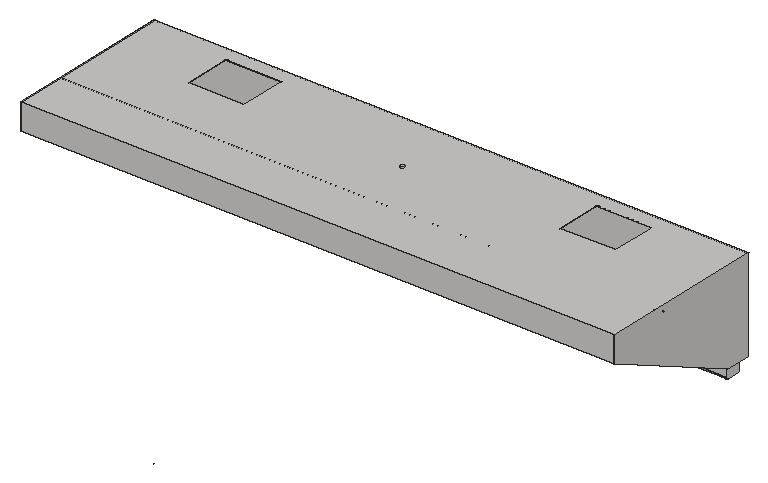
Revit family "QF_ELECTROLUXPROFESSIONAL_644188_AMPV932BT", category Attrezzature speciali, Revit 2021
Family settings
  Quota connettore circolare = Usa diametro
  Tipo di parte = Normale
  Basato su piano di lavoro = No
  Sempre verticale = Sì
  Taglio con vuoti quando caricato = No
  Condiviso = No
  Punto di calcolo locali = No
Parameters (values of type "Standard")
  Weight = 100.00 kg
  Watts = 840 W
  Volts = 220 V
  URL Manufacturer = "https://www.electroluxprofessional.com/"
  URL = "https://www.electroluxprofessional.com/"
  Steam Supply Size = 0 mm
  Steam Supply Minimum Pressure = 0.0 Pa
  Steam Supply Maximum Pressure = 0.0 Pa
  Steam Consumption per Hour = 0
  Refrigeration Suction Line Size = 0 mm
  Refrigeration Liquid Line Size = 0 mm
  Refrigerant Compressor Remote = yes
  Prospetto di default = 0 mm
  Produttore = "Electrolux Professional"
  Phase = 1
  Modello = "AMPV932BT"
  Length Actual = 3200 mm  # constant formula
  Item Number = "644188"
  Hot Water Size = 0 mm
  Height Actual = 500 mm  # constant formula
  HP = "1.1 HP"
  Gas Size = 0 mm
  Gas KW = 0
  Gas Input Pressure = 0 W
  Direct Waste Size = 0 mm
  Descrizione = "430 S/S WALL HOOD+FILTERS+FAN 3200X900MM"
  Depth Actual = 900 mm  # constant formula
  Cycle = 50 Hz
  Condensate Return Size = 0 mm
  Compressed Air Volume = 0.0 L/s
  Compressed Air Size = 0 mm
  Compressed Air Pressure = 0.0 Pa
  Cold Water Size = 0 mm
  Accessory = yes
Reference planes
  plane 1: z = 0
  plane 2 "Center (Left/Right)": x = 150
  plane 3 "LEFT": x = -1450
  plane 4 "RIGHT": x = 1750
  plane 5 "BACK": y = 550
  plane 6 "Plane": z = 2000
  plane 7 "TOP": z = 2140
  plane 8 "Base": z = 1640
  plane 9: z = 1566
  plane 10 "DrainY": y = 485
  plane 11: x = -1447
  plane 12: through (0, 414.509, 1640.8) normal (0, 0.7314, 0.682)
  plane 13: y = 470
  plane 14: y = 220
  plane 15 "DrainX": x = 1630
  plane 16: x = -700
  plane 17: x = 1000
  plane 18: x = -1000
  plane 19: x = 1300
  plane 20: x = 1747
  plane 21: x = 1540
  plane 22: x = 1720
  plane 23: x = -1410
  plane 24: x = -1045
  plane 25: x = -650
  plane 26: x = 1710
  plane 27: x = 1345
  plane 28: x = 950
  plane 29: y = -350
  plane 30 "Center (Front/Back)": y = 100
Forms (mm)
  Extrusion 1, solid, material "QF_Finishes_Stainless Steel"
    sketch origin (-1450, 0, 0) x (0, 1, 0) y (0, 0, 1)
      loop
        line (550, 1640) -> (550, 2140) -> (-350, 2140) -> (-350, 2000) -> (415.255, 1640) -> (550, 1640)
    from 0 to 3
  Extrusion 2, solid, material "QF_Finishes_Stainless Steel"
    sketch origin (150, 0, 0) x (0, 1, 0) y (0, 0, 1)
      loop
        line (415.255, 1640) -> (550, 1640) -> (550, 2139.19) -> (549.2, 2139.19) -> (549.2, 1640.8) -> (415.876, 1640.8) -> (339.347, 1722.867) -> (349.609, 1732.436) -> (348.927, 1733.167) -> (337.934, 1722.917) -> (415.255, 1640)
      loop
        line (-82.203, 2139.19) -> (-82.203, 2118.6) -> (-31.047, 2118.6) -> (34.354, 2048.466) -> (46.028, 2059.352) -> (45.346, 2060.083) -> (34.403, 2049.879) -> (-30.612, 2119.6) -> (-81.203, 2119.6) -> (-81.203, 2139.19) -> (-82.203, 2139.19)
    from -1597 to 1597
  Extrusion 3, solid, material "QF_Finishes_Stainless Steel"
    sketch origin (1750, 0, 0) x (0, 1, 0) y (0, 0, 1)
      loop
        line (550, 1640) -> (550, 2140) -> (-350, 2140) -> (-350, 2000) -> (415.255, 1640) -> (550, 1640)
    from 0 to -3
  Extrusion 4, solid, material "QF_Finishes_Stainless Steel"
    sketch origin (150, 0, 0) x (0, 1, 0) y (0, 0, 1)
      loop
        line (-350, 2140) -> (-350, 2000) -> (-349.2, 2000) -> (-349.2, 2139.19) -> (550, 2139.19) -> (550, 2140) -> (-350, 2140)
    from -1600 to 1600
  Extrusion 5, solid, material "QF_Finishes_Stainless Steel"
    sketch origin (150, 0, 0) x (0, 1, 0) y (0, 0, 1)
      loop
        line (534, 1640) -> (436, 1640) -> (436, 1627) -> (443.5, 1627) -> (443.5, 1576)
        arc (443.5, 1576) -> (446.429, 1568.929) -> (453.5, 1566) r 10
        line (453.5, 1566) -> (516.5, 1566)
        arc (516.5, 1566) -> (523.571, 1568.929) -> (526.5, 1576) r 10
        line (526.5, 1576) -> (526.5, 1627) -> (534, 1627) -> (534, 1640)
    from 1390 to 1570
  Extrusion 6, solid, material "QF_Finishes_Stainless Steel"
    sketch origin (0, 0, 1640) x (0, 1, 0) y (-1, 0, 0)
      loop
        circle (485, -1630) r 20
    from -76 to -74
  Extrusion 7, solid, material "QF_Finished_Chrome"
    sketch origin (150, 0, 0) x (0, 1, 0) y (0, 0, 1)
      loop
        line (337.934, 1722.917) -> (341.591, 1726.327) -> (38.011, 2051.876) -> (34.354, 2048.466) -> (337.934, 1722.917)
    from -1195 to -1560
  Extrusion 8, solid, material "QF_Finished_Chrome"
    sketch origin (150, 0, 0) x (0, 1, 0) y (0, 0, 1)
      loop
        line (337.934, 1722.917) -> (341.591, 1726.327) -> (38.011, 2051.876) -> (34.354, 2048.466) -> (337.934, 1722.917)
    from 800 to -800
  Extrusion 9, solid, material "QF_Finishes_Stainless Steel"
    sketch origin (150, 0, 0) x (0, 1, 0) y (0, 0, 1)
      loop
        line (337.934, 1722.917) -> (341.591, 1726.327) -> (38.011, 2051.876) -> (34.354, 2048.466) -> (337.934, 1722.917)
    from 1597 to 1560
  Extrusion 10, solid, material "QF_Finishes_Stainless Steel"
    sketch origin (150, 0, 0) x (0, 1, 0) y (0, 0, 1)
      loop
        line (341.588, 1726.324) -> (38.009, 2051.874) -> (34.354, 2048.466) -> (337.934, 1722.917) -> (341.588, 1726.324)
    from -1195 to -800
  Extrusion 11, solid, material "QF_Finished_Chrome"
    sketch origin (150, 0, 0) x (0, 1, 0) y (0, 0, 1)
      loop
        line (341.588, 1726.324) -> (38.009, 2051.874) -> (34.354, 2048.466) -> (337.934, 1722.917) -> (341.588, 1726.324)
    from 1195 to 1560
  Extrusion 12, void
    sketch origin (0, 0, 2140) x (0, 1, 0) y (-1, 0, 0)
      loop
        line (470, 1000) -> (220, 1000) -> (220, 700) -> (470, 700) -> (470, 1000)
    from 0 to -10
  Extrusion 13, void
    sketch origin (940, 0, 2140) x (0, 1, 0) y (-1, 0, 0)
      loop
        line (470, -60) -> (220, -60) -> (220, -360) -> (470, -360) -> (470, -60)
    from 0 to -10
  Extrusion 14, solid, material "QF_Finishes_Stainless Steel"
    sketch origin (0, 0, 0) x (1, 0, 0) y (0, 1, 0)
      loop
        line (-1450, 550) -> (-1450, 549) -> (-1449, 549) -> (-1449, 550) -> (-1450, 550)
    from 0 to 1
  Extrusion 15, solid, material "QF_Finishes_Stainless Steel"
    sketch origin (150, 0, 0) x (0, 1, 0) y (0, 0, 1)
      loop
        line (337.934, 1722.917) -> (341.591, 1726.327) -> (38.011, 2051.876) -> (34.354, 2048.466) -> (337.934, 1722.917)
    from -1560 to -1597
  Extrusion 16, solid, material "QF_Finishes_Stainless Steel"
    sketch origin (150, 0, 0) x (0, 1, 0) y (0, 0, -1)
      loop
        line (341.588, -1726.324) -> (337.934, -1722.917) -> (34.354, -2048.466) -> (38.009, -2051.874) -> (341.588, -1726.324)
    from -1195 to -800
  Extrusion 17, solid, material "QF_Finishes_Stainless Steel"
    sketch origin (0, 0, 2140) x (0, 1, 0) y (-1, 0, 0)
      loop
        circle (220, -150) r 10
    from 0 to 1.6
Cuts and joins
  Extrusion 12, Extrusion 13 cuts Extrusion 4
  joined: Extrusion 2, Extrusion 4
Lines and regions (mm)
  reference lines
    curve 1: line (150, 34.354, 2048.466) -> (150, 34.354, 1888.466)
  symbolic lines, style "SpecialityEquipment", detail levels coarse
    curve 2: line (1750, 550, 2140) -> (-1450, 550, 2140)
    curve 3: line (-1450, 550, 2140) -> (-1450, -350, 2140)
    curve 4: line (1750, -350, 2140) -> (1750, 550, 2140)
    curve 5: line (-1450, -350, 2140) -> (1750, -350, 2140)
    curve 6: line (-1000, 220, 2140) -> (-700, 220, 2140)
    curve 7: line (-1000, 470, 2140) -> (-1000, 220, 2140)
    curve 8: line (-700, 470, 2140) -> (-1000, 470, 2140)
    curve 9: line (-700, 220, 2140) -> (-700, 470, 2140)
    curve 10: line (1000, 470, 2140) -> (1000, 220, 2140)
    curve 11: line (1000, 220, 2140) -> (1300, 220, 2140)
    curve 12: line (1300, 470, 2140) -> (1000, 470, 2140)
    curve 13: line (1300, 220, 2140) -> (1300, 470, 2140)
  symbolic lines, detail levels coarse
    curve 14: line (-1450, -350, 0) -> (1750, 550, 0)
    curve 15: line (1750, -350, 0) -> (-1450, 550, 0)
Dimensions and locks
  plane 3 "LEFT" to plane 4 "RIGHT" = 3200 mm
  equal spacing: plane 3 "LEFT", plane 2 "Center (Left/Right)", plane 4 "RIGHT"
  locked: plane 6 "Plane" to level at 2000
  plane 7 "TOP" to plane 6 "Plane" = 140 mm
  locked: plane 7 "TOP" to plane 8 "Base" at 500
  plane 8 "Base" to plane 9 = 74 mm
  plane 5 "BACK" to plane 10 "DrainY" = 65 mm  (x2)
  plane 3 "LEFT" to plane 11 = 3 mm
  plane 5 "BACK" to plane 13 = 80 mm
  plane 13 to plane 14 = 250 mm  (x2)
  plane 15 "DrainX" to plane 4 "RIGHT" = 120 mm
  locked: plane 16 to plane 17 at 1700
  equal spacing: plane 16, plane 2 "Center (Left/Right)", plane 17
  plane 18 to plane 16 = 300 mm
  plane 17 to plane 19 = 300 mm
  plane 20 to plane 4 "RIGHT" = 3 mm
  locked: plane 21 to plane 15 "DrainX" at 90
  locked: plane 15 "DrainX" to plane 22 at 90
  plane 13 to plane 5 "BACK" = 80 mm
  locked: plane 3 "LEFT" to plane 23 at 40
  locked: plane 23 to plane 24 at 365
  locked: plane 24 to plane 25 at 395
  locked: plane 26 to plane 27 at 365
  locked: plane 27 to plane 28 at 395
  locked: plane 26 to plane 4 "RIGHT" at 40
  plane 25 to plane 28 = 1600 mm
  plane 5 "BACK" to plane 29 = 900 mm  (x2)
  equal spacing: plane 5 "BACK", plane 30 "Center (Front/Back)", plane 29
  plane 14 to plane 29 = 570 mm
  aligned and locked: level to plane 1
  aligned and locked: Extrusion 2 to Extrusion 1
  aligned and locked: Extrusion 2 to Extrusion 3
  aligned and locked: plane 4 "RIGHT" to Extrusion 4
  aligned and locked: Extrusion 4 to plane 3 "LEFT"
  aligned and locked: plane 20 to Extrusion 9
  aligned and locked: plane 18 to Extrusion 12
  aligned and locked: Extrusion 12 to plane 16
  aligned and locked: Extrusion 12 to plane 14
  aligned and locked: Extrusion 12 to plane 13
  aligned and locked: Extrusion 13 to plane 19
  aligned and locked: plane 17 to Extrusion 13
  aligned and locked: Extrusion 2 to Extrusion 4
  aligned and locked: plane 22 to Extrusion 5
  aligned and locked: Extrusion 5 to plane 21
  aligned and locked: Extrusion 9 to plane 26
  aligned and locked: Extrusion 11 to plane 26
  aligned and locked: Extrusion 11 to plane 27
  aligned and locked: Extrusion 8 to plane 28
  aligned and locked: Extrusion 8 to plane 25
  aligned and locked: plane 25 to Extrusion 10
  aligned and locked: Extrusion 10 to plane 24
  aligned and locked: plane 24 to Extrusion 7
  aligned and locked: Extrusion 7 to plane 23
  aligned and locked: Extrusion 15 to plane 11
  aligned and locked: plane 23 to Extrusion 15
  aligned and locked: Extrusion 16 to plane 28
  aligned and locked: Extrusion 16 to plane 27
  aligned and locked: Extrusion 3 to plane 20
Automatic sketch dimensions
  curve 5 to plane 3 "LEFT" = 0 mm
  curve 9 to plane 14 = 0 mm
  curve 10 to plane 14 = 0 mm
  plane 13 to curve 8 = 0 mm
  plane 13 to curve 12 = 0 mm
  curve 3 to plane 5 "BACK" = 0 mm
  curve 5 to plane 4 "RIGHT" = 0 mm
  curve 11 to plane 19 = 0 mm
  curve 10 to plane 17 = 0 mm
  curve 6 to plane 16 = 0 mm
  curve 6 to plane 18 = 0 mm
  Extrusion 2 sketch curve to plane 12 = 0 mm  (x3)
  Extrusion 2 sketch curve to plane 8 "Base" = 0 mm
  plane 12 to Extrusion 2 sketch curve = 0 mm
  Extrusion 2 sketch curve to plane 5 "BACK" = 0 mm
  Extrusion 2 sketch curve to Extrusion 2 sketch curve = 65.646 mm
  Extrusion 2 sketch curve to Extrusion 2 sketch curve = 0.682 mm  (x2)
  Extrusion 2 sketch curve to Extrusion 2 sketch curve = 10.261 mm
  plane 8 "Base" to Extrusion 2 sketch curve = 82.917 mm
  Extrusion 2 sketch curve to Extrusion 2 sketch curve = 10.942 mm
  Extrusion 2 sketch curve to Extrusion 2 sketch curve = 0.049 mm
  Extrusion 2 sketch curve to plane 7 "TOP" = 20.4 mm
  Extrusion 2 sketch curve to plane 7 "TOP" = 21.4 mm
  Extrusion 2 sketch curve to plane 7 "TOP" = 0.81 mm  (x2)
  Extrusion 2 sketch curve to Extrusion 2 sketch curve = 50.156 mm
  Extrusion 2 sketch curve to Extrusion 2 sketch curve = 1 mm
  plane 8 "Base" to Extrusion 2 sketch curve = 0.8 mm
  Extrusion 2 sketch curve to plane 5 "BACK" = 0.8 mm
  Extrusion 4 sketch curve to plane 6 "Plane" = 0 mm
  Extrusion 4 sketch curve to plane 5 "BACK" = 0 mm
  Extrusion 4 sketch curve to plane 7 "TOP" = 0 mm
  Extrusion 4 sketch curve to plane 7 "TOP" = 0.81 mm
  curve 1 to plane 12 = 0 mm
  curve 1 to plane 6 "Plane" = 111.534 mm
  Extrusion 5 sketch curve to plane 8 "Base" = 0 mm
  Extrusion 5 sketch curve to plane 9 = 0 mm
  Extrusion 5 sketch curve to plane 8 "Base" = 13 mm  (x2)
  plane 13 to Extrusion 5 sketch curve = 34 mm
  Extrusion 5 sketch curve to Extrusion 5 sketch curve = 7.5 mm  (x2)
  Extrusion 5 sketch curve to Extrusion 5 sketch curve = 10 mm
  plane 10 "DrainY" to Extrusion 5 sketch curve = 31.5 mm
  Extrusion 5 sketch curve to plane 5 "BACK" = 23.5 mm
  Extrusion 6 sketch curve to plane 10 "DrainY" = 0 mm
  Extrusion 6 sketch curve to plane 15 "DrainX" = 0 mm
  Extrusion 7 sketch curve to plane 12 = 0 mm  (x2)
  Extrusion 7 sketch curve to Extrusion 7 sketch curve = 3.657 mm
  plane 8 "Base" to Extrusion 7 sketch curve = 82.917 mm
  Extrusion 8 sketch curve to plane 12 = 0 mm  (x2)
  Extrusion 8 sketch curve to Extrusion 8 sketch curve = 3.657 mm
  plane 8 "Base" to Extrusion 8 sketch curve = 82.917 mm
  Extrusion 9 sketch curve to plane 12 = 0 mm  (x2)
  Extrusion 9 sketch curve to Extrusion 9 sketch curve = 3.657 mm
  plane 8 "Base" to Extrusion 9 sketch curve = 82.917 mm
  Extrusion 10 sketch curve to plane 12 = 0 mm  (x2)
  Extrusion 10 sketch curve to Extrusion 10 sketch curve = 3.655 mm
  plane 8 "Base" to Extrusion 10 sketch curve = 82.917 mm
  Extrusion 11 sketch curve to plane 12 = 0 mm  (x2)
  Extrusion 11 sketch curve to Extrusion 11 sketch curve = 3.655 mm
  plane 8 "Base" to Extrusion 11 sketch curve = 82.917 mm
  Extrusion 12 sketch curve to plane 14 = 0 mm
  plane 13 to Extrusion 12 sketch curve = 0 mm
  Extrusion 12 sketch curve to plane 16 = 0 mm
  Extrusion 12 sketch curve to plane 18 = 0 mm
  Extrusion 13 sketch curve to plane 14 = 0 mm
  plane 13 to Extrusion 13 sketch curve = 0 mm
  Extrusion 13 sketch curve to plane 19 = 0 mm
  Extrusion 13 sketch curve to plane 17 = 0 mm
  Extrusion 14 sketch curve to plane 3 "LEFT" = 0 mm
  Extrusion 14 sketch curve to plane 5 "BACK" = 0 mm
  plane 3 "LEFT" to Extrusion 14 sketch curve = 1 mm
  Extrusion 14 sketch curve to plane 5 "BACK" = 1 mm
  Extrusion 15 sketch curve to plane 12 = 0 mm  (x2)
  Extrusion 15 sketch curve to Extrusion 15 sketch curve = 3.657 mm
  plane 8 "Base" to Extrusion 15 sketch curve = 82.917 mm
  Extrusion 16 sketch curve to plane 12 = 0 mm  (x2)
  Extrusion 16 sketch curve to Extrusion 16 sketch curve = 3.655 mm
  plane 8 "Base" to Extrusion 16 sketch curve = 82.917 mm
  Extrusion 4 sketch curve to Extrusion 4 sketch curve = 0.8 mm
  curve 5 to plane 29 = 0 mm
  plane 6 "Plane" to Extrusion 2 sketch curve = 48.466 mm
  plane 29 to Extrusion 4 sketch curve = 0.8 mm
  curve 1 to plane 14 = 185.646 mm
  plane 6 "Plane" to Extrusion 7 sketch curve = 51.876 mm
  plane 6 "Plane" to Extrusion 8 sketch curve = 51.876 mm
  plane 6 "Plane" to Extrusion 9 sketch curve = 51.876 mm
  plane 6 "Plane" to Extrusion 10 sketch curve = 51.874 mm
  plane 6 "Plane" to Extrusion 11 sketch curve = 51.874 mm
  plane 6 "Plane" to Extrusion 15 sketch curve = 51.876 mm
  plane 6 "Plane" to Extrusion 16 sketch curve = 51.874 mm
  Extrusion 3 sketch curve to plane 5 "BACK" = 0 mm
  Extrusion 3 sketch curve to plane 7 "TOP" = 0 mm
  Extrusion 3 sketch curve to plane 6 "Plane" = 0 mm
  Extrusion 1 sketch curve to plane 8 "Base" = 0 mm
  plane 12 to Extrusion 1 sketch curve = 0 mm
  Extrusion 1 sketch curve to plane 5 "BACK" = 0 mm
  Extrusion 1 sketch curve to plane 7 "TOP" = 0 mm
  Extrusion 1 sketch curve to plane 29 = 0 mm
  Extrusion 1 sketch curve to plane 6 "Plane" = 0 mm
  Extrusion 3 sketch curve to plane 29 = 0 mm
  Extrusion 3 sketch curve to plane 8 "Base" = 0 mm
  plane 12 to Extrusion 3 sketch curve = 0 mm
  curve 15 to plane 3 "LEFT" = 0 mm
  curve 14 to plane 3 "LEFT" = 0 mm
  curve 15 to plane 4 "RIGHT" = 0 mm
  curve 14 to plane 4 "RIGHT" = 0 mm
  curve 15 to plane 29 = 0 mm
  curve 14 to plane 29 = 0 mm
  curve 15 to plane 5 "BACK" = 0 mm
  curve 14 to plane 5 "BACK" = 0 mm
  Extrusion 17 sketch curve to plane 2 "Center (Left/Right)" = 0 mm
  Extrusion 17 sketch curve to plane 14 = 0 mm
  radius of Extrusion 6 sketch curve = 20 mm
  radius of Extrusion 17 sketch curve = 10 mm
Connectors
  piping at (1630, 485, 1564), diameter 20
    settings: on Extrusion 6, index 1, connector inside diameter 609.6 mm, connector length 0 mm, flow factor 0, pipe flow 0.0 L/s, pressure drop 0.0 Pa, fitting loss kfactor 0, connector angle 0.00°, fixture units 0, engagement length 0 mm, angle of deflection 0.00°, flow configuration 1, flow direction 2, fitting loss method 0, system type 16, joint type 0, gender type 0, connector reference index -1, connector utility 0, adjustable connector no, is connector primary yes, connector description "Drain"
  hvac at (-850, 345, 2140)
    settings: on Extrusion 12, index 2, duct flow 0.0 L/s, flow factor 0, pres drop 0.0 Pa, loss coef 0, conn angle 0.00°, conn width 250 mm, conn height 300 mm, conn diameter 609.6 mm, duct sys type 3, conn prof type 1, flow config 1, flow direction 2, loss method 0, conn ref index -1, conn util no, is conn primary yes, conn desc "EXHAUST OUTLET"
  hvac at (1150, 345, 2140)
    settings: on Extrusion 13, index 3, duct flow 0.0 L/s, flow factor 0, pres drop 0.0 Pa, loss coef 0, conn angle 0.00°, conn width 250 mm, conn height 300 mm, conn diameter 609.6 mm, duct sys type 3, conn prof type 1, flow config 1, flow direction 2, loss method 0, conn ref index -1, conn util no, is conn primary no, conn desc "EXHAUST OUTLET"
  electrical at (150, 220, 2140), driven by "Volts"
    settings: on Extrusion 17, index 4, voltage 220 V, apparent load 0 VA, apparent load phase1 0 VA, apparent load phase2 0 VA, apparent load phase3 0 VA, power factor 1, load classification "Other", number of poles 1, system type 30, power factor state 1, is connector primary yes, connector utility no, sub classification motor no, connector description "Electrical Connection"
